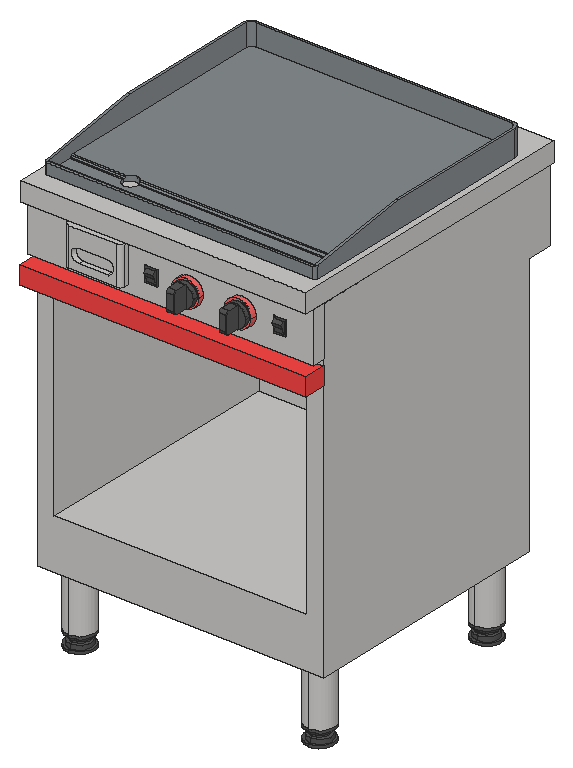
Revit family "ADB Armoire Plancha Fonte Electrique 620", category Equipement spécialisé, Revit 2022
Family settings
  Cote de connecteur circulaire = Utiliser le diamètre
  Type d'élément = Normal
  Numéro OmniClass = 23.40.40.14.17.11
  Titre OmniClass = Cookers, Ovens, Stoves
  Basée sur le plan de construction = Non
  Toujours verticalement = Oui
  Couper avec des vides une fois chargée = Non
  Conserver l'orientation des annotations = Non
  Partagée = Non
  Repère de localisation dans la pièce = Non
Parameters (values of type "CME 620 PL")
  URL catalogue = "https://www.ambassade-de-bourgogne.com/fr/produits/armoires/grils/Resources/CME-620-PL.pdf"
  URL = "https://www.ambassade-de-bourgogne.com/fr/produits/armoires/grils/Resources/CME-620-PL.pdf"
  Type de Raccord Electrique [instance] = "Bornier 40A"  # constant formula
  Type article = ""
  Tension [instance] = 230 V  # constant formula
  Table = CME620PL_plancha fonte électrique : CME620PL_plancha fonte électrique
  Spécification du Fabricant = ""
  Remarques Electricité [instance] = "230V(MONO) commutable 400V(TRI)"
  Puissance électrique [instance] = 4400 W
  Porte inversée [instance] = no
  Porte CPM 600 [instance] = no
  Profondeur [instance] = 652 mm + if(Dosseret DSA 600, 50 mm, 0 mm) + if(Porte CPM 600, 53 mm, 0 mm)  # 652 mm
  Poids net à vide [instance] = 98.00 kg + if(Dosseret DSA 600, 1.00 kg, 0.00 kg) + if(Porte CPM 600, 5.00 kg, 0.00 kg)  # 98.00 kg
  Phase [instance] = 1  # constant formula
  Nombres de Pôles [instance] = Phase  # 1
  Modèle = "CME 620 PL"
  Longueur [instance] = 600 mm  # constant formula
  Intensité nominale [instance] = Puissance électrique / (230 V * Phase)  # 19.1304 A
  Hauteur [instance] = 955 mm + if(Dosseret DSA 600, 45 mm, 0 mm)  # 955 mm
  Fréquence [instance] = 50 Hz  # constant formula
  Fabricant = "Société Industrielle de Lacanche"  # constant formula
  Elévation par défaut = 0 mm
  Echelles ECH 400 [instance] = no
  Dosseret DSA 600 [instance] = no
  Dosseret [instance] = if(Dosseret DSA 600, 50 mm, 0 mm)  # 0 mm
  Description = "Plancha fonte électrique armoire"
  Connecteurs [instance] = yes
  Commentaires du type = "Gamme Ambassade - Grils et planchas électriques"
  D = 740 mm
  C = 300 mm
Reference planes
  plane 1 "Centre (avant/arrière)": y = 0
  plane 2: z = 0
  plane 3 "Centre (gauche/droite)": x = 0
  plane 4 "gauche": x = -300
  plane 5 "droite": x = 300
  plane 6 "fond de meuble": y = 325
  plane 7 "avant": y = -325
  plane 8 "arrière": y = 325
  plane 9: z = 955
  plane 10: x = 0
  plane 11: z = 740
Forms (mm)
  Extrusion 1, solid, material "ADB_Network_Electricity_Yellow", visible <- "Connecteurs", detail levels medium+fine
    sketch origin (300, 315, 707) x (-1, 0, 0) y (0, 0, 1)
      loop
        circle (300, 33) r 10
    from 0 to 10
  Extrusion 2, solid, detail levels coarse
    sketch origin (0, 0, 0) x (1, 0, 0) y (0, 1, 0)
      loop
        line (-300, 325.033) -> (-300, -377.967) -> (300, -377.967) -> (300, 325.033) -> (-300, 325.033)
    from 0 to 955 <- "Hauteur"
  Extrusion 3, solid, material "ADB_Plastic-Black", detail levels fine
    sketch origin (570, -306, 860) x (-1, 0, 0) y (0, 0, -1)
      loop
        line (352.5, 39.5) -> (352.5, 71.5) -> (327.5, 71.5) -> (327.5, 39.5) -> (352.5, 39.5)
    from 0 to 2
  Extrusion 4, solid, material "ADB_Plastic-Black", detail levels fine
    sketch origin (0, 0, 45.2) x (0, 1, 0) y (0, 0, 1)
      loop
        line (-308, 772.032) -> (-315.045, 766.027) -> (-309.906, 757.126) -> (-308, 747) -> (-308, 772.032)
    from 220.5 to 239.5
  Extrusion 5, solid, material "ADB_Plastic-Black", detail levels fine
    sketch origin (300, -306, 860) x (-1, 0, 0) y (0, 0, -1)
      loop
        line (352.5, 39.5) -> (352.5, 71.5) -> (327.5, 71.5) -> (327.5, 39.5) -> (352.5, 39.5)
    from 0 to 2
  Extrusion 6, solid, material "ADB_Plastic-Black", detail levels fine
    sketch origin (0, 0, 0.2) x (0, 1, 0) y (0, 0, 1)
      loop
        line (-308, 817.032) -> (-315.045, 811.027) -> (-309.906, 802.126) -> (-308, 792) -> (-308, 817.032)
    from -49.5 to -30.5
  Extrusion 7, solid, material "ADB_Stainless Steel-Polished", detail levels fine
    sketch origin (0, 0, 0) x (1, 0, 0) y (0, 1, 0)
      loop
        arc (-210, -313.5) -> (-207.218, -320.218) -> (-200.5, -323) r 9.5
        line (-200.5, -323) -> (-99.5, -323)
        arc (-99.5, -323) -> (-92.782, -320.218) -> (-90, -313.5) r 9.5
        line (-90, -313.5) -> (-90, -306) -> (-210, -306) -> (-210, -313.5)
    from 770 to 850
  Extrusion 8, void
    sketch origin (300, -306, 860) x (-1, 0, 0) y (0, 0, -1)
      loop
        arc (479.812, 45) -> (494.812, 60) -> (479.812, 75) r 15
        line (479.812, 75) -> (420.021, 75)
        arc (420.021, 75) -> (405.021, 60) -> (420.021, 45) r 15
        line (420.021, 45) -> (479.812, 45)
    from 5 to 38.602
Cuts and joins
  Extrusion 8 cuts Extrusion 7
Dimensions and locks
  equal spacing: plane 5 "droite", plane 3 "Centre (gauche/droite)", plane 4 "gauche"
  "Longueur": plane 5 "droite" to plane 4 "gauche"
  plane 6 "fond de meuble" to plane 7 "avant" = 650 mm
  locked: plane 7 "avant" to plane 1 "Centre (avant/arrière)" at 325
  "Dosseret": plane 8 "arrière" to plane 6 "fond de meuble"
  "Hauteur": plane 9 to plane 2
  "D": plane 2 to plane 11
  "C": plane 5 "droite" to plane 10
  locked: Extrusion 4 sketch curve to level at 817.232
  locked: Extrusion 6 sketch curve to level at 817.232
  aligned and locked: level to plane 2
  aligned and locked: plane 3 "Centre (gauche/droite)" to nested 1
  aligned and locked: Extrusion 1 sketch curve to plane 10
  aligned and locked: plane 11 to Extrusion 1 sketch curve
  aligned and locked: plane 3 "Centre (gauche/droite)" to nested 4
Automatic sketch dimensions
  Extrusion 2 sketch curve to plane 4 "gauche" = 0 mm
  Extrusion 2 sketch curve to plane 5 "droite" = 0 mm
  Extrusion 2 sketch curve to plane 7 "avant" = 52.967 mm
  plane 8 "arrière" to Extrusion 2 sketch curve = 0.033 mm
  nested 1 to Extrusion 3 sketch curve = 57.5 mm
  Extrusion 3 sketch curve to Extrusion 3 sketch curve = 25 mm
  Extrusion 3 sketch curve to nested 1 = 39.5 mm
  Extrusion 3 sketch curve to Extrusion 3 sketch curve = 32 mm
  plane 7 "avant" to Extrusion 4 sketch curve = 9.955 mm
  Extrusion 4 sketch curve to Extrusion 4 sketch curve = 5.139 mm
  Extrusion 4 sketch curve to Extrusion 4 sketch curve = 1.906 mm
  Extrusion 4 sketch curve to Extrusion 4 sketch curve = 10.126 mm
  Extrusion 4 sketch curve to Extrusion 4 sketch curve = 8.901 mm
  Extrusion 4 sketch curve to Extrusion 4 sketch curve = 6.005 mm
  Extrusion 5 sketch curve to nested 1 = 39.5 mm
  nested 1 to Extrusion 5 sketch curve = 272.5 mm
  Extrusion 5 sketch curve to Extrusion 5 sketch curve = 25 mm
  Extrusion 5 sketch curve to Extrusion 5 sketch curve = 32 mm
  plane 7 "avant" to Extrusion 6 sketch curve = 9.955 mm
  Extrusion 6 sketch curve to Extrusion 6 sketch curve = 5.139 mm
  Extrusion 6 sketch curve to Extrusion 6 sketch curve = 1.906 mm
  Extrusion 6 sketch curve to Extrusion 6 sketch curve = 10.126 mm
  Extrusion 6 sketch curve to Extrusion 6 sketch curve = 8.901 mm
  Extrusion 6 sketch curve to Extrusion 6 sketch curve = 6.005 mm
  plane 4 "gauche" to Extrusion 7 sketch curve = 90 mm
  plane 7 "avant" to Extrusion 7 sketch curve = 11.5 mm
  Extrusion 7 sketch curve to Extrusion 7 sketch curve = 9.5 mm  (x2)
  Extrusion 7 sketch curve to plane 3 "Centre (gauche/droite)" = 99.5 mm
  plane 7 "avant" to Extrusion 7 sketch curve = 19 mm
  Extrusion 8 sketch curve to nested 1 = 45 mm
  nested 1 to Extrusion 8 sketch curve = 179.979 mm
  Extrusion 8 sketch curve to Extrusion 8 sketch curve = 59.792 mm
  Extrusion 8 sketch curve to Extrusion 8 sketch curve = 15 mm
  radius of Extrusion 1 sketch curve = 10 mm
Nested families
  nested 1: "Soubassement armoire" at (0, 0, 0), Dosseret <- "Dosseret DSA 600", Porte <- "Porte CPM 600", Porte inversée <- "Porte inversée", Echelle <- "Echelles ECH 400", type "1 armoire", detail levels medium+fine
    with Profondeur 703 mm, Porte inversée no, Porte no, Longueur 600 mm, Hauteur 900 mm, Encombrement Porte standard no, Encombrement Porte inversée no, Echelle no, Décalage poignée 233.5 mm, Dosseret no
  nested 2: "Bouton" at (150, -306, 804.565) x (1, 0, 0) z (0, -1, 0), type "Bouton"
  nested 3: "Bouton" at (40, -306, 804.565) x (1, 0, 0) z (0, -1, 0), type "Bouton"
  nested 4: "CME620PL_plancha fonte électrique" at (0, 0, 900), type <- "Table", type "CME620PL_plancha fonte électrique", detail levels medium+fine
Connectors
  electrical at (0, 315, 740), driven by "Nombres de Pôles", driven by "Tension", driven by "Puissance électrique"
    settings: on Extrusion 1, index 1, voltage 230 V, apparent load 4400 VA, apparent load phase1 0 VA, apparent load phase2 0 VA, apparent load phase3 0 VA, power factor 1, load classification "Autre", number of poles 1, system type 30, power factor state 1, is connector primary yes, connector utility no, sub classification motor no, connector description ""
Definition of nested family "Soubassement armoire"
  Parameters (values of type "1 armoire")
    Profondeur produit = 650 mm
    Profondeur baie libre = if(Baie libre, Profondeur produit - 68 mm, 1 mm)  # 582 mm
    Porte inversée [instance] = no
    Longueur poignée = 229 mm  # constant formula
    Encombrement Porte inversée [instance] = and(Porte, Porte inversée)  # no
    Encombrement Porte standard [instance] = and(Porte, not(Porte inversée))  # no
    Porte [instance] = no
    Profondeur [instance] = Profondeur produit + if(Dosseret, 50 mm, 0 mm) + 53 mm  # 703 mm
    Longueur produit = 600 mm
    Longueur [instance] = Longueur produit  # 600 mm
    Hauteur produit = 900 mm
    Hauteur [instance] = Hauteur produit + if(Dosseret, 100 mm, 0 mm)  # 900 mm
    Default Elevation = 0 mm
    Echelle [instance] = no
    Décalage poignée [instance] = if(Porte inversée, Longueur, 233.5 mm)  # 233.5 mm
    Dosseret [instance] = no
    Baie libre = yes
  Reference planes
    plane 1 "Centre (avant/arrière)": y = 0
    plane 2: z = 0
    plane 3 "Centre (gauche/droite)": x = 0
    plane 4 "Gauche": x = -300
    plane 5 "Arrière": y = 325
    plane 6 "Droite": x = 300
    plane 7 "Avant": y = -325
    plane 8 "dessous meuble": z = 155
    plane 9 "Dessus de plan": z = 900
    plane 10 "Baguette coloré": z = 696
    plane 11 "dessous plan": z = 860
    plane 12 "Face": y = -280
    plane 13 "commande": z = 755
    plane 14 "dessus dosseret": z = 900
    plane 15: y = -377.967
    plane 16: y = 325.033
    plane 17 "Baguette colorë": y = -780
    plane 18: x = -66.5
  Forms (mm)
    Extrusion 1, solid, visible <- "Porte", detail levels medium+fine
      sketch origin (-300, 0, 0) x (0, 1, 0) y (0, 0, 1)
        loop
          line (-325, 155) -> (-280, 155) -> (-280, 696) -> (-325, 696) -> (-325, 155)
      from 0 to 600 <- "Longueur"
    Extrusion 2, solid, detail levels medium+fine
      sketch origin (-300, 0, 0) x (0, 1, 0) y (0, 0, 1)
        loop
          line (-280, 742.5) -> (-327, 742.5) -> (-327, 705) -> (-280, 705) -> (-280, 742.5)
      from 0 to 600 <- "Longueur"
    Extrusion 3, solid, detail levels medium+fine
      sketch origin (-300, 0, 0) x (0, 1, 0) y (0, 0, 1)
        loop
          line (325, 900) -> (-325, 900) -> (-325, 860) -> (325, 860) -> (325, 900)
      from 0 to 600 <- "Longueur"
    Extrusion 4, void
      sketch origin (0, -325, 0) x (-1, 0, 0) y (0, 0, 1)
        loop
          line (266, 679) -> (-266, 679) -> (-266, 261.5) -> (266, 261.5) -> (266, 679)
      from 0 to 582 <- "Profondeur baie libre"
    Extrusion 5, solid, detail levels medium+fine
      sketch origin (-300, 0, 0) x (0, 1, 0) y (0, 0, 1)
        loop
          line (-280, 860) -> (-306, 860) -> (-306, 755) -> (-280, 755) -> (-280, 860)
      from 0 to 600 <- "Longueur"
    Extrusion 6, solid, detail levels medium+fine
      sketch origin (-300, 0, 0) x (0, 1, 0) y (0, 0, 1)
        loop
          line (315, 860) -> (-280, 860) -> (-280, 155) -> (260, 155) -> (260, 707) -> (315, 707) -> (315, 860)
      from 0 to 600 <- "Longueur"
    Revolve 7, solid, detail levels medium+fine
      sketch origin (251.965, 0, 0) x (0, 1, 0) y (0, 0, -1)
        loop
          line (-258.968, -155) -> (-229, -155) -> (-229, 0) -> (-258.492, 0) -> (-258.492, -5) -> (-253.001, -5) -> (-253.001, -13.586) -> (-248.857, -16.488) -> (-248.857, -22) -> (-252.82, -22) -> (-258.968, -28.148) -> (-258.968, -34) -> (-258.968, -155)
        axis (-229, 0) -> (-229, -155)
      angle from 0 to 360
    Revolve 8, solid, detail levels medium+fine
      sketch origin (-251.965, 0, 0) x (0, 1, 0) y (0, 0, 1)
        loop
          line (-258.968, 155) -> (-258.968, 34) -> (-258.968, 28.148) -> (-252.82, 22) -> (-248.857, 22) -> (-248.857, 16.488) -> (-253.001, 13.586) -> (-253.001, 5) -> (-258.492, 5) -> (-258.492, 0) -> (-229, 0) -> (-229, 155) -> (-258.968, 155)
        axis (-229, 0) -> (-229, 155)
      angle from 0 to 360
    Revolve 9, solid, detail levels medium+fine
      sketch origin (-251.965, -20, 0) x (0, -1, 0) y (0, 0, -1)
        loop
          line (-258.968, -155) -> (-229, -155) -> (-229, 0) -> (-258.492, 0) -> (-258.492, -5) -> (-253.001, -5) -> (-253.001, -13.586) -> (-248.857, -16.488) -> (-248.857, -22) -> (-252.82, -22) -> (-258.968, -28.148) -> (-258.968, -34) -> (-258.968, -155)
        axis (-229, 0) -> (-229, -155)
      angle from 0 to 360
    Extrusion 10, solid, visible <- "Dosseret", detail levels medium+fine
      sketch origin (-300, 0, 0) x (0, 1, 0) y (0, 0, 1)
        loop
          line (375.033, 1000) -> (325, 1000) -> (325, 860) -> (375.033, 860) -> (375.033, 1000)
      from 0 to 600 <- "Longueur"
    Revolve 11, solid, detail levels medium+fine
      sketch origin (251.965, -20, 0) x (0, -1, 0) y (0, 0, 1)
        loop
          line (-258.968, 155) -> (-258.968, 34) -> (-258.968, 28.148) -> (-252.82, 22) -> (-248.857, 22) -> (-248.857, 16.488) -> (-253.001, 13.586) -> (-253.001, 5) -> (-258.492, 5) -> (-258.492, 0) -> (-229, 0) -> (-229, 155) -> (-258.968, 155)
        axis (-229, 0) -> (-229, 155)
      angle from 0 to 360
    Extrusion 12, void
      sketch origin (0, 0, 900) x (0, -1, 0) y (1, 0, 0)
        loop
          line (-307.033, -266.567) -> (-293.033, -266.567) -> (-293.033, 266.464) -> (-307.033, 266.464) -> (-307.033, -266.567)
      from 0 to -0.8
    Extrusion 13, solid, detail levels medium+fine
      sketch origin (-300, 260, 155) x (0, 0, 1) y (1, 0, 0)
        loop
          line (65, 454) -> (65, 146) -> (552, 146) -> (552, 454) -> (65, 454)
      from 0 to 35
    Extrusion 14, solid, visible <- "Echelle"
      sketch origin (0, 0, 0) x (1, 0, 0) y (0, 0, 1)
        loop
          line (-266, 648.8) -> (-266, 623.8) -> (-256.5, 623.8) -> (-256.5, 625) -> (-264.8, 625) -> (-264.8, 647.6) -> (-248, 647.6) -> (-248, 648.8) -> (-266, 648.8)
        loop
          line (-266, 548.8) -> (-266, 523.8) -> (-256.5, 523.8) -> (-256.5, 525) -> (-264.8, 525) -> (-264.8, 547.6) -> (-248, 547.6) -> (-248, 548.8) -> (-266, 548.8)
        loop
          line (-266, 448.8) -> (-266, 423.8) -> (-256.5, 423.8) -> (-256.5, 425) -> (-264.8, 425) -> (-264.8, 447.6) -> (-248, 447.6) -> (-248, 448.8) -> (-266, 448.8)
        loop
          line (-266, 348.8) -> (-266, 323.8) -> (-256.5, 323.8) -> (-256.5, 325) -> (-264.8, 325) -> (-264.8, 347.6) -> (-248, 347.6) -> (-248, 348.8) -> (-266, 348.8)
      from -113.466 to 206.5
    Extrusion 15, solid, visible <- "Echelle"
      sketch origin (0, 0, 0) x (-1, 0, 0) y (0, 0, -1)
        loop
          line (-266, -648.8) -> (-248, -648.8) -> (-248, -647.6) -> (-264.8, -647.6) -> (-264.8, -625) -> (-256.5, -625) -> (-256.5, -623.8) -> (-266, -623.8) -> (-266, -648.8)
        loop
          line (-266, -548.8) -> (-248, -548.8) -> (-248, -547.6) -> (-264.8, -547.6) -> (-264.8, -525) -> (-256.5, -525) -> (-256.5, -523.8) -> (-266, -523.8) -> (-266, -548.8)
        loop
          line (-266, -448.8) -> (-248, -448.8) -> (-248, -447.6) -> (-264.8, -447.6) -> (-264.8, -425) -> (-256.5, -425) -> (-256.5, -423.8) -> (-266, -423.8) -> (-266, -448.8)
        loop
          line (-266, -348.8) -> (-248, -348.8) -> (-248, -347.6) -> (-264.8, -347.6) -> (-264.8, -325) -> (-256.5, -325) -> (-256.5, -323.8) -> (-266, -323.8) -> (-266, -348.8)
      from -113.466 to 206.5
  Cuts and joins
    Extrusion 4 cuts Extrusion 6
    Extrusion 12 cuts Extrusion 10
  Lines and regions (mm)
    symbolic lines, visible <- "Encombrement Porte standard"
      curve 1: line (300, -280, 155) -> (300, -880, 155)
      curve 4: arc (-300, -280, 155) -> (-124.264, -704.264, 155) -> (300, -880, 155) r 600
    symbolic lines, visible <- "Encombrement Porte inversée"
      curve 2: line (-300, -280, 155) -> (-300, -880, 155)
      curve 3: arc (300, -280, 155) -> (124.264, -704.264, 155) -> (-300, -880, 155) r 600
  Dimensions and locks
    equal spacing: plane 7 "Avant", plane 1 "Centre (avant/arrière)", plane 5 "Arrière"
    "Profondeur produit": plane 5 "Arrière" to plane 7 "Avant"
    equal spacing: plane 4 "Gauche", plane 3 "Centre (gauche/droite)", plane 6 "Droite"
    "Longueur produit": plane 4 "Gauche" to plane 6 "Droite"
    "Hauteur produit": plane 9 "Dessus de plan" to plane 2
    locked: plane 8 "dessous meuble" to plane 2 at 155
    locked: plane 9 "Dessus de plan" to plane 11 "dessous plan" at 40
    locked: plane 7 "Avant" to plane 12 "Face" at 45
    locked: plane 13 "commande" to plane 10 "Baguette coloré" at 59
    locked: plane 11 "dessous plan" to plane 13 "commande" at 105
    Extrusion 4 sketch curve to plane 8 "dessous meuble" = 106.5 mm
    Extrusion 4 sketch curve to plane 6 "Droite" = 34 mm
    Extrusion 4 sketch curve to plane 4 "Gauche" = 34 mm
    plane 10 "Baguette coloré" to Extrusion 4 sketch curve = 17 mm
    "Hauteur": plane 14 "dessus dosseret" to plane 2
    locked: plane 7 "Avant" to plane 15 at 52.967
    "Profondeur": plane 15 to plane 16
    equal spacing: Extrusion 13 sketch curve, plane 3 "Centre (gauche/droite)", Extrusion 13 sketch curve
    "Décalage poignée": plane 18 to plane 4 "Gauche"
    locked: plane 4 "Gauche" to Revolve 9 at 18.067
    locked: Revolve 11 to plane 6 "Droite" at 18.067
    locked: Revolve 7 to plane 6 "Droite" at 18.067
    locked: plane 4 "Gauche" to Revolve 8 at 18.067
    locked: Revolve 8 to plane 12 "Face" at 21.032
    locked: Revolve 7 to plane 12 "Face" at 21.032
    locked: plane 5 "Arrière" to Extrusion 10 sketch curve at 50.033
    plane 16 to Extrusion 12 sketch curve to Extrusion 12 sketch curve = 18 mm locked, 14 mm locked
    aligned and locked: level to plane 2
    aligned and locked: plane 18 to nested 1
  Automatic sketch dimensions
    Extrusion 1 sketch curve to plane 7 "Avant" = 0 mm
    Extrusion 1 sketch curve to plane 10 "Baguette coloré" = 0 mm
    Extrusion 1 sketch curve to plane 12 "Face" = 0 mm
    Extrusion 1 sketch curve to plane 8 "dessous meuble" = 0 mm
    Extrusion 2 sketch curve to plane 12 "Face" = 0 mm
    Extrusion 2 sketch curve to plane 7 "Avant" = 2 mm
    plane 10 "Baguette coloré" to Extrusion 2 sketch curve = 9 mm
    Extrusion 2 sketch curve to plane 13 "commande" = 12.5 mm
    Extrusion 3 sketch curve to plane 7 "Avant" = 0 mm
    Extrusion 3 sketch curve to plane 5 "Arrière" = 0 mm
    Extrusion 3 sketch curve to plane 11 "dessous plan" = 0 mm
    Extrusion 3 sketch curve to plane 9 "Dessus de plan" = 0 mm
    Extrusion 5 sketch curve to plane 11 "dessous plan" = 0 mm
    Extrusion 5 sketch curve to plane 13 "commande" = 0 mm
    Extrusion 5 sketch curve to plane 12 "Face" = 0 mm
    plane 7 "Avant" to Extrusion 5 sketch curve = 19 mm
    Extrusion 6 sketch curve to plane 11 "dessous plan" = 0 mm
    Extrusion 6 sketch curve to plane 12 "Face" = 0 mm
    Extrusion 6 sketch curve to plane 8 "dessous meuble" = 0 mm
    Extrusion 6 sketch curve to plane 5 "Arrière" = 65 mm
    Extrusion 6 sketch curve to plane 5 "Arrière" = 10 mm
    plane 10 "Baguette coloré" to Extrusion 6 sketch curve = 11 mm
    Revolve 7 sketch curve to plane 8 "dessous meuble" = 0 mm
    Revolve 7 sketch curve to level = 0 mm
    plane 12 "Face" to Revolve 7 sketch curve = 21.032 mm
    plane 12 "Face" to Revolve 7 sketch curve = 21.508 mm
    Revolve 7 sketch curve to Revolve 7 sketch curve = 5.491 mm
    Revolve 7 sketch curve to Revolve 7 sketch curve = 0.181 mm
    Revolve 7 sketch curve to Revolve 7 sketch curve = 3.964 mm
    Revolve 7 sketch curve to Revolve 7 sketch curve = 24.001 mm
    level to Revolve 7 sketch curve = 34 mm
    Revolve 7 sketch curve to Revolve 7 sketch curve = 5.852 mm
    Revolve 7 sketch curve to Revolve 7 sketch curve = 6.148 mm
    Revolve 7 sketch curve to Revolve 7 sketch curve = 5.512 mm
    Revolve 7 sketch curve to Revolve 7 sketch curve = 2.902 mm
    level to Revolve 7 sketch curve = 5 mm
    Revolve 7 sketch curve to Revolve 7 sketch curve = 0 mm
    plane 8 "dessous meuble" to Revolve 7 sketch curve = 19 mm
    Revolve 7 sketch curve to Revolve 7 sketch curve = 12 mm
    Revolve 8 sketch curve to plane 8 "dessous meuble" = 0 mm
    Revolve 8 sketch curve to level = 0 mm
    plane 12 "Face" to Revolve 8 sketch curve = 21.032 mm
    plane 12 "Face" to Revolve 8 sketch curve = 21.508 mm
    Revolve 8 sketch curve to Revolve 8 sketch curve = 5.491 mm
    Revolve 8 sketch curve to Revolve 8 sketch curve = 0.181 mm
    Revolve 8 sketch curve to Revolve 8 sketch curve = 3.964 mm
    Revolve 8 sketch curve to Revolve 8 sketch curve = 24.001 mm
    level to Revolve 8 sketch curve = 5 mm
    Revolve 8 sketch curve to Revolve 8 sketch curve = 8.586 mm
    Revolve 8 sketch curve to Revolve 8 sketch curve = 2.902 mm
    Revolve 8 sketch curve to Revolve 8 sketch curve = 5.512 mm
    Revolve 8 sketch curve to Revolve 8 sketch curve = 6.148 mm
    Revolve 8 sketch curve to Revolve 8 sketch curve = 5.852 mm
    Revolve 8 sketch curve to Revolve 8 sketch curve = 0 mm
    Revolve 8 sketch curve to Revolve 8 sketch curve = 12 mm
    plane 8 "dessous meuble" to Revolve 8 sketch curve = 19 mm
    Revolve 9 sketch curve to plane 8 "dessous meuble" = 0 mm
    Revolve 9 sketch curve to level = 0 mm
    level to Revolve 9 sketch curve = 28.148 mm
    Revolve 9 sketch curve to plane 5 "Arrière" = 86.032 mm
    Revolve 9 sketch curve to Revolve 9 sketch curve = 0.477 mm
    level to Revolve 9 sketch curve = 13.586 mm
    Revolve 9 sketch curve to Revolve 9 sketch curve = 5.491 mm
    Revolve 9 sketch curve to Revolve 9 sketch curve = 0.181 mm
    Revolve 9 sketch curve to Revolve 9 sketch curve = 3.964 mm
    Revolve 9 sketch curve to Revolve 9 sketch curve = 24.001 mm
    Revolve 9 sketch curve to Revolve 9 sketch curve = 5.852 mm
    Revolve 9 sketch curve to Revolve 9 sketch curve = 8.414 mm
    Revolve 9 sketch curve to Revolve 9 sketch curve = 2.902 mm
    level to Revolve 9 sketch curve = 5 mm
    Revolve 9 sketch curve to Revolve 9 sketch curve = 0 mm
    plane 8 "dessous meuble" to Revolve 9 sketch curve = 19 mm
    Revolve 9 sketch curve to Revolve 9 sketch curve = 12 mm
    Extrusion 10 sketch curve to plane 5 "Arrière" = 0 mm
    Extrusion 10 sketch curve to plane 11 "dessous plan" = 0 mm
    plane 9 "Dessus de plan" to Extrusion 10 sketch curve = 100 mm
    curve 3 to plane 6 "Droite" = 0 mm
    curve 3 to plane 4 "Gauche" = 0 mm
    curve 4 to plane 4 "Gauche" = 0 mm
    curve 4 to plane 12 "Face" = 0 mm
    curve 2 to plane 12 "Face" = 0 mm
    curve 3 to plane 12 "Face" = 0 mm
    Revolve 11 sketch curve to plane 8 "dessous meuble" = 0 mm
    Revolve 11 sketch curve to level = 0 mm
    level to Revolve 11 sketch curve = 28.148 mm
    Revolve 11 sketch curve to plane 5 "Arrière" = 86.032 mm
    Revolve 11 sketch curve to Revolve 11 sketch curve = 0.477 mm
    level to Revolve 11 sketch curve = 13.586 mm
    Revolve 11 sketch curve to Revolve 11 sketch curve = 5.491 mm
    Revolve 11 sketch curve to Revolve 11 sketch curve = 0.181 mm
    Revolve 11 sketch curve to Revolve 11 sketch curve = 3.964 mm
    Revolve 11 sketch curve to Revolve 11 sketch curve = 24.001 mm
    level to Revolve 11 sketch curve = 5 mm
    Revolve 11 sketch curve to Revolve 11 sketch curve = 2.902 mm
    Revolve 11 sketch curve to Revolve 11 sketch curve = 5.512 mm
    Revolve 11 sketch curve to Revolve 11 sketch curve = 5.852 mm
    Revolve 11 sketch curve to Revolve 11 sketch curve = 0 mm
    Revolve 11 sketch curve to Revolve 11 sketch curve = 12 mm
    plane 8 "dessous meuble" to Revolve 11 sketch curve = 19 mm
    plane 4 "Gauche" to Extrusion 12 sketch curve = 33.433 mm
    plane 6 "Droite" to Extrusion 12 sketch curve = 33.536 mm
    Extrusion 13 sketch curve to Extrusion 6 = 0 mm
    Extrusion 6 to Extrusion 13 sketch curve = 65 mm
    Extrusion 6 to Extrusion 13 sketch curve = 146 mm
    plane 4 "Gauche" to Extrusion 14 sketch curve = 34 mm  (x4)
    Extrusion 14 sketch curve to Extrusion 14 sketch curve = 1.2 mm  (x12)
    Extrusion 14 sketch curve to Extrusion 14 sketch curve = 8.3 mm  (x4)
    Extrusion 14 sketch curve to Extrusion 14 sketch curve = 16.8 mm  (x4)
    plane 8 "dessous meuble" to Extrusion 14 sketch curve = 168.8 mm
    Extrusion 14 sketch curve to Extrusion 14 sketch curve = 22.6 mm  (x4)
    Extrusion 14 sketch curve to Extrusion 14 sketch curve = 75 mm  (x2)
    Extrusion 14 sketch curve to plane 10 "Baguette coloré" = 72.2 mm
    plane 6 "Droite" to Extrusion 15 sketch curve = 34 mm  (x4)
    Extrusion 15 sketch curve to Extrusion 15 sketch curve = 1.2 mm  (x12)
    Extrusion 15 sketch curve to Extrusion 15 sketch curve = 8.3 mm  (x4)
    Extrusion 15 sketch curve to Extrusion 15 sketch curve = 16.8 mm  (x4)
    Extrusion 15 sketch curve to plane 10 "Baguette coloré" = 47.2 mm
    Extrusion 15 sketch curve to Extrusion 15 sketch curve = 22.6 mm  (x4)
    Extrusion 15 sketch curve to Extrusion 15 sketch curve = 75 mm  (x3)
    curve 1 to plane 6 "Droite" = 0 mm
    curve 1 to plane 12 "Face" = 0 mm
  Nested families
    nested 1: "Poignée" at (-181, -325, 681.933) x (1, 0, 0) z (0, -1, 0), visible <- "Porte", Longueur <- "Longueur poignée", type "Poignée", detail levels fine
      with Longueur 229 mm
  Definition of nested family "Poignée"
    Parameters (values of type "Poignée")
      Longueur [instance] = 800 mm
      Default Elevation = 1219.2 mm
    Reference planes
      plane 1 "Centre (avant/arrière)": y = 0
      plane 2: z = 0
      plane 3 "Centre (gauche/droite)": x = 0
      plane 4: x = -400
      plane 5: x = 400
      plane 6: x = -395
      plane 7: x = 395
    Forms (mm)
      Extrusion 1, solid
        sketch origin (0, 0, 0) x (1, 0, 0) y (0, 1, 0)
          loop
            line (-1219.2, 1219.2) -> (-1219.2, -1219.2) -> (1219.2, -1219.2) -> (1219.2, 1219.2) -> (-1219.2, 1219.2)
        from 0 to -304.8
      Extrusion 2, solid
        sketch origin (0, 0, 0) x (0, 1, 0) y (0, 0, 1)
          loop
            circle (0, 38.995) r 13.972
        from -395 to 395
      Extrusion 3, solid
        sketch origin (0, 0, 0) x (1, 0, 0) y (0, 1, 0)
          loop
            circle (-363.542, 0) r 8.5
          loop
            circle (363.453, 0) r 8.5
        from 0 to 37.089
    Cuts and joins
      joined: Extrusion 2, Extrusion 3
    Dimensions and locks
      equal spacing: plane 4, plane 3 "Centre (gauche/droite)", plane 5
      "Longueur": plane 4 to plane 5
      locked: plane 4 to plane 6 at 5
      locked: plane 7 to plane 5 at 5
      locked: plane 6 to Extrusion 3 sketch curve at 31.458
      locked: Extrusion 3 sketch curve to plane 7 at 31.547
      aligned and locked: plane 2 to Extrusion 1
      aligned and locked: level to Extrusion 1
      aligned and locked: plane 6 to Extrusion 2
      aligned and locked: Extrusion 2 to plane 7
      aligned and locked: plane 1 "Centre (avant/arrière)" to Extrusion 3 sketch curve
    Automatic sketch dimensions
      Extrusion 1 sketch curve to Extrusion 1 sketch curve = 2438.4 mm  (x2)
      Extrusion 2 sketch curve to plane 1 "Centre (avant/arrière)" = 0 mm
      level to Extrusion 2 sketch curve = 38.995 mm
      plane 1 "Centre (avant/arrière)" to Extrusion 3 sketch curve = 0 mm
      radius of Extrusion 2 sketch curve = 13.972 mm
      radius of Extrusion 3 sketch curve = 8.5 mm  (x2)
Definition of nested family "Bouton"
  Parameters (values of type "Bouton")
    Matériau base bouton = none
    Default Elevation = 1219.2 mm
  Reference planes
    plane 1 "Centre (avant/arrière)": y = 0
    plane 2: z = 0
    plane 3 "Centre (gauche/droite)": x = 0
  Forms (mm)
    Extrusion 1, solid
      sketch origin (0, 0, 0) x (1, 0, 0) y (0, 1, 0)
        loop
          line (-1219.2, 1219.2) -> (-1219.2, -1219.2) -> (1219.2, -1219.2) -> (1219.2, 1219.2) -> (-1219.2, 1219.2)
      from 0 to -304.8
    Extrusion 2, solid, material <- "Matériau base bouton", detail levels fine
      sketch origin (0, 0, 0) x (1, 0, 0) y (0, 1, 0)
        loop
          circle (0, 0) r 28.5
      from 0 to 11.5
    Extrusion 3, solid, detail levels fine
      sketch origin (0, 0, 0) x (1, 0, 0) y (0, 1, 0)
        loop
          circle (0, 0) r 24.1
      from 11.5 to 20.5
    Extrusion 4, solid, detail levels fine
      sketch origin (0, 0, 0) x (1, 0, 0) y (0, 0, 1)
        loop
          line (-8.082, 20.5) -> (8.082, 20.5) -> (7.58, 49.253)
          arc (7.58, 49.253) -> (6.684, 51.34) -> (4.581, 52.2) r 3
          line (4.581, 52.2) -> (-4.581, 52.2)
          arc (-4.581, 52.2) -> (-6.684, 51.34) -> (-7.58, 49.253) r 3
          line (-7.58, 49.253) -> (-8.082, 20.5)
      from -22.082 to 22.162
    Extrusion 5, void
      sketch origin (0, 0, 0) x (0, 1, 0) y (0, 0, 1)
        loop
          line (-15.762, 50.701) -> (15.682, 50.701)
          arc (15.682, 50.701) -> (20.208, 48.826) -> (22.082, 44.301) r 6.4
          line (22.082, 44.301) -> (22.082, 41.701) -> (24.232, 41.701) -> (24.232, 54.688) -> (-24.768, 54.688) -> (-24.768, 41.701) -> (-22.162, 41.701) -> (-22.162, 44.301)
          arc (-22.162, 44.301) -> (-20.287, 48.826) -> (-15.762, 50.701) r 6.4
      from -15.908 to 13.709
  Cuts and joins
    Extrusion 5 cuts Extrusion 4
  Lines and regions (mm)
    symbolic lines, detail levels fine
      curve 1: line (0, -28.5, 0) -> (0, 28.5, 0)
  Dimensions and locks
    aligned and locked: plane 2 to Extrusion 1
    aligned and locked: level to Extrusion 1
Definition of nested family "CME620PL_plancha fonte électrique"
  Parameters (values of type "CME620PL_plancha fonte électrique")
    Longueur plancha = Longueur - 30 mm  # 570 mm
    Habillage = none
    Longueur = 600 mm
    Largeur = 650 mm
    Default Elevation = 1219.2 mm
  Reference planes
    plane 1 "Centre (avant/arrière)": y = 0
    plane 2: z = 0
    plane 3 "Centre (gauche/droite)": x = 0
    plane 4: y = 325
    plane 5: y = -325
    plane 6: x = 300
    plane 7: x = -300
    plane 8: x = -285
    plane 9: x = 285
  Forms (mm)
    Extrusion 1, solid
      sketch origin (0, 0, 0) x (1, 0, 0) y (0, 1, 0)
        loop
          line (-1219.2, 1219.2) -> (-1219.2, -1219.2) -> (1219.2, -1219.2) -> (1219.2, 1219.2) -> (-1219.2, 1219.2)
      from 0 to -304.8
    Extrusion 2, solid
      sketch origin (0, 0, 0) x (1, 0, 0) y (0, 1, 0)
        loop
          arc (-269, 258) -> (-280.314, 253.314) -> (-285, 242) r 16
          line (-285, 242) -> (-285, -276)
          arc (-285, -276) -> (-283.243, -280.243) -> (-279, -282) r 6
          line (-279, -282) -> (279, -282)
          arc (279, -282) -> (283.243, -280.243) -> (285, -276) r 6
          line (285, -276) -> (285, 242)
          arc (285, 242) -> (280.314, 253.314) -> (269, 258) r 16
          line (269, 258) -> (-269, 258)
        loop
          line (269, 253) -> (-269, 253)
          arc (-269, 253) -> (-276.778, 249.778) -> (-280, 242) r 11
          line (-280, 242) -> (-280, -277) -> (280, -277) -> (280, 242)
          arc (280, 242) -> (276.778, 249.778) -> (269, 253) r 11
      from 0 to 55
    Extrusion 3, void
      sketch origin (0, 0, 0) x (0, 1, 0) y (0, 0, 1)
        loop
          line (-285.597, 22.298) -> (-48.289, 57.005) -> (-285.597, 57.005) -> (-285.597, 22.298)
      from -300 to 300
    Extrusion 4, solid
      sketch origin (0, 0, 0) x (1, 0, 0) y (0, 1, 0)
        loop
          line (269, 253) -> (-269, 253)
          arc (-269, 253) -> (-276.778, 249.778) -> (-280, 242) r 11
          line (-280, 242) -> (-280, -277) -> (280, -277) -> (280, 242)
          arc (280, 242) -> (276.778, 249.778) -> (269, 253) r 11
      from 0 to 10
    Extrusion 5, void
      sketch origin (0, 0, 0) x (0, 1, 0) y (0, 0, 1)
        loop
          arc (-222.947, 4.853) -> (-221.567, 5.137) -> (-220.41, 5.942) r 3.5
          line (-220.41, 5.942) -> (-217.704, 8.787)
          arc (-217.704, 8.787) -> (-216.416, 9.684) -> (-214.878, 10) r 3.9
          line (-214.878, 10) -> (-208.35, 10) -> (-208.35, 10.9) -> (-265.33, 10.9) -> (-260.639, 5.813)
          arc (-260.639, 5.813) -> (-259.541, 5.102) -> (-258.257, 4.853) r 3.435
          line (-258.257, 4.853) -> (-222.947, 4.853)
      from -280 to 280
    Extrusion 6, solid
      sketch origin (0, 0, 0) x (0, 1, 0) y (0, 0, 1)
        loop
          line (-264.5, 10) -> (-277, 23.554) -> (-277, 10) -> (-264.5, 10)
      from -280 to 280
    Extrusion 7, void
      sketch origin (0, 0, 0) x (1, 0, 0) y (0, 1, 0)
        loop
          circle (-149.993, -224.663) r 15.75
      from 0 to 35.652
  Cuts and joins
    Extrusion 3 cuts Extrusion 2
    Extrusion 5, Extrusion 7 cuts Extrusion 4
    joined: Extrusion 4, Extrusion 6
  Dimensions and locks
    "Largeur": plane 5 to plane 4
    "Longueur": plane 7 to plane 6
    "Longueur plancha": plane 8 to plane 9
    locked: Extrusion 2 sketch curve to Extrusion 2 sketch curve at 5  (x4)
    equal spacing: plane 7, plane 3 "Centre (gauche/droite)", plane 6
    equal spacing: plane 8, plane 3 "Centre (gauche/droite)", plane 9
    aligned and locked: plane 2 to Extrusion 1
    aligned and locked: level to Extrusion 1
    aligned and locked: plane 8 to Extrusion 2 sketch curve
    aligned and locked: plane 9 to Extrusion 2 sketch curve
    aligned and locked: cut or joined group of Extrusion 4, Extrusion 5, Extrusion 6, Extrusion 7 to cut or joined group of Extrusion 2, Extrusion 3  (x2)
  Automatic sketch dimensions
    Extrusion 1 sketch curve to Extrusion 1 sketch curve = 2438.4 mm  (x2)
    Extrusion 3 sketch curve to plane 5 = 39.403 mm
    level to Extrusion 3 sketch curve = 22.298 mm
    plane 1 "Centre (avant/arrière)" to Extrusion 3 sketch curve = 48.289 mm
    Extrusion 3 sketch curve to Extrusion 3 sketch curve = 34.708 mm
    Extrusion 2 sketch curve to Extrusion 2 sketch curve = 0 mm  (x2)
    Extrusion 2 sketch curve to plane 5 = 43 mm
    plane 4 to Extrusion 2 sketch curve = 83 mm
    Extrusion 4 sketch curve to plane 5 = 48 mm
    plane 4 to Extrusion 4 sketch curve = 83 mm
    level to Extrusion 6 sketch curve = 10 mm
    Extrusion 6 sketch curve to plane 5 = 48 mm
    Extrusion 6 sketch curve to Extrusion 6 sketch curve = 12.5 mm
    level to Extrusion 6 sketch curve = 23.554 mm
    level to Extrusion 5 sketch curve = 10.9 mm
    Extrusion 5 sketch curve to plane 5 = 59.67 mm
    level to Extrusion 5 sketch curve = 5.813 mm
    Extrusion 5 sketch curve to Extrusion 5 sketch curve = 4.691 mm
    Extrusion 5 sketch curve to Extrusion 5 sketch curve = 2.381 mm
    level to Extrusion 5 sketch curve = 8.353 mm
    Extrusion 5 sketch curve to Extrusion 5 sketch curve = 35.31 mm
    level to Extrusion 5 sketch curve = 5.942 mm
    Extrusion 5 sketch curve to Extrusion 5 sketch curve = 2.536 mm
    level to Extrusion 5 sketch curve = 8.787 mm
    Extrusion 5 sketch curve to Extrusion 5 sketch curve = 2.706 mm
    Extrusion 5 sketch curve to Extrusion 5 sketch curve = 2.826 mm
    Extrusion 5 sketch curve to Extrusion 5 sketch curve = 6.528 mm
    Extrusion 5 sketch curve to Extrusion 5 sketch curve = 2.687 mm
    Extrusion 7 sketch curve to plane 5 = 100.337 mm
    Extrusion 2 sketch curve to plane 7 = 31 mm
    Extrusion 2 sketch curve to Extrusion 2 sketch curve = 1 mm  (x2)
    Extrusion 4 sketch curve to plane 7 = 31 mm
    Extrusion 4 sketch curve to plane 7 = 20 mm
    Extrusion 7 sketch curve to plane 3 "Centre (gauche/droite)" = 149.993 mm
    Extrusion 2 sketch curve to Extrusion 2 sketch curve = 11 mm
    plane 6 to Extrusion 4 sketch curve = 31 mm
    plane 9 to Extrusion 4 sketch curve = 5 mm
    radius of Extrusion 7 sketch curve = 15.75 mm
